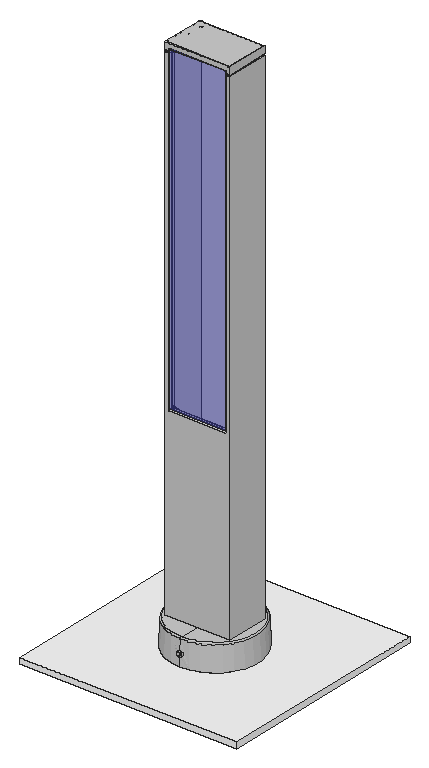
Revit family "BE_99326_de_DE", category Leuchten, Revit 2015
Parameters (values of type "BEGA_99326_Silber_K4")
  built-in parameter 1150104 = 12.089 (stored number, unit not read)
  Windangriffsfläche = ""
  Werkzeuglos = ""
  Wattage = 16.6 W
  Default Elevation = 0 mm
  built-in parameter 1150113 = 1 (stored number, unit not read)
  built-in parameter 1114218 = 1 (stored number, unit not read)
  Umgebungstemperatur = ""
  URL = "http://www.bega.de/produkt/99326"
  Typenkommentare = "© 2015 BEGA. Wir behalten uns das Recht vor, technische Änderungen ohne vorherige Ankündigung vorzunehmen."  # constant formula
  Type Image = 99326.png
  built-in parameter 1150134 = 12
  built-in parameter 1150109 = 1 (stored number, unit not read)
  Strom = ""
  built-in parameter 1150110 = 1 (stored number, unit not read)
  Spannung = 0 V
  Sonderanfertigung = no
  Seriennummer [instance] = "Hier können Sie die eindeutige Seriennummer für das Facility Management eintragen."
  Schutzklasse = "I"
  Schutzart = "IP 65"
  Scheinlast = 0 VA
  Produktdatenblatt = "http://www.bega.de/download/datenblaetter/de/99326.pdf"
  Oberflächentemperatur = ""
  Neigungswinkel = 0.00°
  Modell = "99326AK4"
  Material_17 = BEGA_Reflektor
  Material_15 = BEGA_Leuchtmedium_matt
  Material_11 = BEGA_Glas_opal
  Material_09 = BEGA_Glas_klar
  Material_06 = BEGA_Oberfläche_Edelstahl_gebürstet
  Material_02 = BEGA_Oberfläche_Silber_matt
  Material_01 [instance] = BEGA_Oberfläche_Grafit_matt
  M_W = no
  M_G = no
  M_A = yes
  Logo = 0
  built-in parameter 1114217 = 1 (stored number, unit not read)
  built-in parameter 1150139 = (empty or 0)
  built-in parameter 1150105 = 746.18 (stored number, unit not read)
  built-in parameter 1150114 = 1 (stored number, unit not read)
  Lumens = 2159.99 lm
  built-in parameter 1150115 = 1 (stored number, unit not read)
  Leuchtenlichtstrom = "815 lm"
  Leuchtenanzahl = ""
  Lebensdauerkriterien = "L70 = 50.000 h"
  Lastklassifizierung = Beleuchtung
  built-in parameter 1150112 = 1 (stored number, unit not read)
  Lampenlichtstrom = "2160 lm"
  Lampe = "LED 16.6 W"
  LED_Modulbezeichnung = "2x LED-0380/840"
  Hersteller = "BEGA"  # constant formula
  Halbstreuwinkel = ""
  Gewicht = "8.1 kg"
  Gebrauchslageneinschränkung [instance] = ""
  Frequenz = "50-60 Hz"
  Farbwiedergabeindex = "Ra > 80"
  Farbtemperaturverschiebung bei Dämpfen der Lampe = <Keine Auswahl>
  Farbtemperatur = "4000 K"
  Color Filter = 16777215
  Erdstücklänge_E = ""
  Erdstück [instance] = no
  built-in parameter 1150133 = 10 (stored number, unit not read)
  Energieeffizienzklasse = "LED A++ - A"
  Einstecktiefe = ""
  built-in parameter 1150137 = (empty or 0)
  built-in parameter 1150132 = (empty or 0)
  Einbau_in_Wärmedämmung = ""
  ENEC = ""
  Datei für fotometrisches Netz = "BE_99326.IES"
  CE_Konformität = "ja"
  Bestellnummer_Erdstück [instance] = if(Erdstück, "70895", "---")  # "---"
  Bestellnummer = "99326AK4"
  Beschreibung_Sonderanfertigung = "Hier können Sie Informationen zur Sonderanfertigung eintragen."
  Beschreibung = "Gartenleuchte"
  built-in parameter 1150106 = 7.4618 (stored number, unit not read)
  Belastbarkeit [instance] = ""
  Befestigungsbohrung = ""
  Befestigungsabstand = ""
  Ballwurfsicher = ""
  BEGA_Intern_aus = yes
  BEGA_Intern_an = yes
  BEGA_Intern_Konstruktion = yes
  BEGA_Intern = yes
  BEGA_IES = yes
  BEGA_Dummy = no
  Anschlussleitung = ""
  Anschlussleistung [instance] = "19.4 W"
  built-in parameter 1150107 = 4000 (stored number, unit not read)
  built-in parameter 1150102 = (empty or 0)
  built-in parameter 1150138 = (empty or 0)
  Aktualisierung = "2016-02-23T04:08:40"
  AC/DC = "AC"
Types (5, lengths in mm): name | built-in parameter 1150104 | built-in parameter 1150134 | Modell | M_G | M_A | built-in parameter 1150105 | Lumens | Leuchtenlichtstrom | Lampenlichtstrom | LED_Modulbezeichnung | Farbtemperatur | Datei für fotometrisches Netz | Bestellnummer | built-in parameter 1150106 | built-in parameter 1150107
  (no name) | 12.089 (stored number, unit not read) | 12 | "99326AK4" | no | yes | 746.18 (stored number, unit not read) | 2159.99 lm | "815 lm" | "2160 lm" | "2x LED-0380/840" | "4000 K" | "BE_99326.IES" | "99326AK4" | 7.4618 (stored number, unit not read) | 4000 (stored number, unit not read)
  BEGA_99326_Grafit_K3 | 11.417 (stored number, unit not read) | (empty or 0) | "99326" | yes | no | 704.72 (stored number, unit not read) | 2039.97 lm | "770 lm" | "2040 lm" | "2x LED-0380/830" | "3000 K" | "BE_99326.IES" | "99326" | 7.0472 (stored number, unit not read) | 3000 (stored number, unit not read)
  BEGA_99326_Silber_K4 | 12.089 (stored number, unit not read) | 12 | "99326AK4" | no | yes | 746.18 (stored number, unit not read) | 2159.99 lm | "815 lm" | "2160 lm" | "2x LED-0380/840" | "4000 K" | "BE_99326.IES" | "99326AK4" | 7.4618 (stored number, unit not read) | 4000 (stored number, unit not read)
  BEGA_99326_Grafit_K4 | 12.089 (stored number, unit not read) | 12 | "99326K4" | yes | no | 746.32 (stored number, unit not read) | 2159.99 lm | "815 lm" | "2160 lm" | "2x LED-0380/840" | "4000 K" | "BE_99326K4.IES" | "99326K4" | 7.4632 (stored number, unit not read) | 4000 (stored number, unit not read)
  BEGA_99326_Silber_K3 | 11.417 (stored number, unit not read) | (empty or 0) | "99326A" | no | yes | 704.72 (stored number, unit not read) | 2039.97 lm | "770 lm" | "2040 lm" | "2x LED-0380/830" | "3000 K" | "BE_99326.IES" | "99326A" | 7.0472 (stored number, unit not read) | 3000 (stored number, unit not read)
Reference planes
  plane 1 "Mitte (Vorne/Hinten)": y = 0
  plane 2: z = 0
  plane 3 "Mitte (Links/Rechts)": x = 0
  plane 4 "Links": x = -81
  plane 5 "Rechts": x = 81
  plane 6 "Unten": y = -81
  plane 7 "Oben": y = 81
  plane 8 "Vorne": z = 1000.148
Forms (mm)
  Extrusion 1, solid, material "BEGA_Platte_Weiss"
    sketch origin (0, -1119.2, 0) x (1, 0, 0) y (0, 1, 0)
      loop
        line (-200, 1319.2) -> (-200, 919.2) -> (200, 919.2) -> (200, 1319.2) -> (-200, 1319.2)
    from 0 to -10
  Extrusion 2, solid, material "BEGA_Dummy_matt", visible <- "BEGA_Dummy"
    sketch origin (77.149, -76.023, 0) x (1, 0, 0) y (0, 1, 0)
      loop
        circle (-77.149, 76.023) r 81
    from 0 to 1000.148
Dimensions and locks
  plane 1 "Mitte (Vorne/Hinten)" to Extrusion 1 = 200 mm
  aligned and locked: plane 2 to Extrusion 1
  aligned and locked: level to Extrusion 1
Nested families
  nested 1: "BE_99326" at (0, 0, 0), type "BE_99326"
Connectors
  electrical at (0, 0, 0), driven by "Lastklassifizierung", driven by "Spannung", driven by "Scheinlast"
    settings: index 1, voltage 0 V, apparent load 0 VA, apparent load phase1 0 VA, apparent load phase2 0 VA, apparent load phase3 0 VA, power factor 1, load classification "Beleuchtung", number of poles 1, system type 31, power factor state 1, is connector primary yes, connector utility no, sub classification motor no, connector description ""
Definition of nested family "BE_99326"
  Parameters (values of type "BE_99326")
    Default Elevation = 1 mm
    URL = "http://www.bega.de/de/produkt"
    Type Comments = "© 2015 BEGA. Wir behalten uns das Recht vor, technische Änderungen ohne vorherige Ankündigung vorzunehmen. "  # constant formula
    Type Image = (empty or 0)
    Material_17 = none
    Material_15 = none
    Material_11 = none
    Material_09 = none
    Material_06 = none
    Material_03 = none
    Material_02 = none
    Material_01 = none
    M_W = yes
    M_G = yes
    M_A = yes
    Länge_Platte = 200 mm  # constant formula
    Höhe_Platte = -10 mm  # constant formula
    Manufacturer = "BEGA"  # constant formula
    Breite_Platte = 200 mm  # constant formula
  Reference planes
    plane 1 "Mitte (Oben/Unten)": y = 0
    plane 2: z = 0
    plane 3 "Mitte (Links/Rechts)": x = 0
    plane 4 "Hinten": z = 1000.148
    plane 5 "Links": x = -81
    plane 6 "Unten": y = -81
    plane 7: x = 81
    plane 8: y = 81
  Forms (mm)
    Extrusion 1, solid, detail levels medium
      sketch origin (0, 0, 0) x (1, 0, 0) y (0, 1, 0)
        loop
          line (-100, 100) -> (-100, -100) -> (100, -100) -> (100, 100) -> (-100, 100)
      from 0 to -10 <- "Höhe_Platte"
    Revolve 2, solid, material <- "Material_01", visible <- "M_G", detail levels medium+fine
      sketch origin (0, 0, 0) x (0, 1, 0) y (0, 0, 1)
        loop
          line (76, 0) -> (76, 5.5) -> (0, 5.5) -> (0, 0) -> (76, 0)
        axis (0, 0) -> (0, 5.5)
      angle from 0 to 360
    Revolve 3, solid, material <- "Material_01", visible <- "M_G", detail levels medium+fine
      sketch origin (0, 0, 0) x (0, 1, 0) y (0, 0, 1)
        loop
          arc (79.391, 48.215) -> (78.783, 49.585) -> (77.392, 50.148) r 2
          line (77.392, 50.148) -> (0, 50.148) -> (0, 42.148) -> (68.762, 42.148)
          arc (68.762, 42.148) -> (70.254, 41.646) -> (70.92, 40.221) r 2
          line (70.92, 40.221) -> (72.121, 5.835) -> (77.5, 5.648) -> (77.5, 2.148) -> (81, 2.148) -> (79.391, 48.215)
        axis (0, 50.148) -> (0, 2.148)
      angle from 0 to 360
    Sweep 4, solid, material <- "Material_01", visible <- "M_G", detail levels medium+fine
      path origin (0, 0, 0) x (1, 0, 0) y (0, 1, 0)
        loop
          line (60, 40) -> (-60, 40) -> (-60, -40) -> (60, -40) -> (60, 40)
      profile origin (0, 40, 0) x (0, -1, 0) y (0, 0, 1)
        loop
          line (0, 985.684) -> (2.449, 983.148) -> (6.9, 983.148) -> (7.532, 995.2)
          arc (7.532, 995.2) -> (7.842, 995.873) -> (8.53, 996.148) r 1
          line (8.53, 996.148) -> (17.785, 996.148) -> (17.785, 1000.148) -> (0.779, 1000.148)
          arc (0.779, 1000.148) -> (0.347, 1000.049) -> (0, 999.774) r 1
          line (0, 999.774) -> (0, 985.684)
    Extrusion 5, solid, material <- "Material_01", visible <- "M_G", detail levels medium+fine
      sketch origin (0, 0, 0) x (1, 0, 0) y (0, 1, 0)
        loop
          line (-42.215, 22.215) -> (-42.215, -22.215) -> (42.215, -22.215) -> (42.215, 22.215) -> (-42.215, 22.215)
      from 996.148 to 1000.148
    Sweep 6, solid, material <- "Material_01", visible <- "M_G", detail levels medium+fine
      path in 3D
        loop
          line (-60, 40, 999.774) -> (-60, -40, 999.774) -> (60, -40, 999.774) -> (60, 40, 999.774) -> (-60, 40, 999.774)
      profile origin (0, 40, 999.774) x (0, 0, 1) y (0, 1, 0)
        loop
          line (-949.627, 0) -> (-949.627, -6.8) -> (-16.627, -6.8) -> (-16.627, 0) -> (-949.627, 0)
    Sweep 7, void
      path origin (0, 0, 0) x (1, 0, 0) y (0, 0, 1)
        loop
          line (-53.711, 991.858) -> (-53.711, 389.437) -> (53.711, 389.437) -> (53.711, 991.858) -> (-53.711, 991.858)
      profile origin (0, 0, 991.858) x (0, 0, 1) y (0, -1, 0)
        loop
          line (0, 40) -> (-28.988, 40) -> (-28.988, 34.8) -> (-1.893, 34.8) -> (0, 40)
    Extrusion 8, void
      sketch origin (0, 0, 0) x (1, 0, 0) y (0, 0, 1)
        loop
          arc (45, 394.148) -> (47.828, 395.319) -> (49, 398.148) r 4
          line (49, 398.148) -> (49, 983.148)
          arc (49, 983.148) -> (47.828, 985.976) -> (45, 987.148) r 4
          line (45, 987.148) -> (-45, 987.148)
          arc (-45, 987.148) -> (-47.828, 985.976) -> (-49, 983.148) r 4
          line (-49, 983.148) -> (-49, 398.148)
          arc (-49, 398.148) -> (-47.828, 395.319) -> (-45, 394.148) r 4
          line (-45, 394.148) -> (45, 394.148)
      from 32.461 to 40.526
    Extrusion 9, solid, material <- "Material_11", detail levels medium+fine
      sketch origin (0, 0, 0) x (0, 1, 0) y (0, 0, 1)
        loop
          line (-39.8, 391.648) -> (-34.8, 391.648) -> (-34.8, 989.648) -> (-39.8, 989.648) -> (-39.8, 391.648)
      from -51.603 to 51.542
    Revolve 10, solid, material <- "Material_02", visible <- "M_A", detail levels medium+fine
      sketch origin (0, 0, 0) x (0, 1, 0) y (0, 0, 1)
        loop
          line (76, 0) -> (76, 5.5) -> (0, 5.5) -> (0, 0) -> (76, 0)
        axis (0, 0) -> (0, 5.5)
      angle from 0 to 360
    Revolve 11, solid, material <- "Material_02", visible <- "M_A", detail levels medium+fine
      sketch origin (0, 0, 0) x (0, 1, 0) y (0, 0, 1)
        loop
          arc (79.391, 48.215) -> (78.783, 49.585) -> (77.392, 50.148) r 2
          line (77.392, 50.148) -> (0, 50.148) -> (0, 42.148) -> (68.762, 42.148)
          arc (68.762, 42.148) -> (70.254, 41.646) -> (70.92, 40.221) r 2
          line (70.92, 40.221) -> (72.121, 5.835) -> (77.5, 5.648) -> (77.5, 2.148) -> (81, 2.148) -> (79.391, 48.215)
        axis (0, 50.148) -> (0, 2.148)
      angle from 0 to 360
    Sweep 12, solid, material <- "Material_02", visible <- "M_A", detail levels medium+fine
      path in 3D
        loop
          line (-60, 40, 999.774) -> (-60, -40, 999.774) -> (60, -40, 999.774) -> (60, 40, 999.774) -> (-60, 40, 999.774)
      profile origin (0, 40, 999.774) x (0, 0, 1) y (0, 1, 0)
        loop
          line (-949.627, 0) -> (-949.627, -6.8) -> (-16.627, -6.8) -> (-16.627, 0) -> (-949.627, 0)
    Sweep 13, solid, material <- "Material_02", visible <- "M_A", detail levels medium+fine
      path origin (0, 0, 0) x (1, 0, 0) y (0, 1, 0)
        loop
          line (60, 40) -> (-60, 40) -> (-60, -40) -> (60, -40) -> (60, 40)
      profile origin (0, 40, 0) x (0, -1, 0) y (0, 0, 1)
        loop
          line (0, 985.684) -> (2.449, 983.148) -> (6.9, 983.148) -> (7.532, 995.2)
          arc (7.532, 995.2) -> (7.842, 995.873) -> (8.53, 996.148) r 1
          line (8.53, 996.148) -> (17.785, 996.148) -> (17.785, 1000.148) -> (0.779, 1000.148)
          arc (0.779, 1000.148) -> (0.347, 1000.049) -> (0, 999.774) r 1
          line (0, 999.774) -> (0, 985.684)
    Extrusion 14, solid, material <- "Material_02", visible <- "M_A", detail levels medium+fine
      sketch origin (0, 0, 0) x (1, 0, 0) y (0, 1, 0)
        loop
          line (-42.215, 22.215) -> (-42.215, -22.215) -> (42.215, -22.215) -> (42.215, 22.215) -> (-42.215, 22.215)
      from 996.148 to 1000.148
    Revolve 15, void
      sketch origin (0, 0, 0) x (0, 1, 0) y (0, 0, 1)
        loop
          line (-80.443, 29.398) -> (-80.443, 24.148) -> (-71.081, 24.148) -> (-71.081, 29.398) -> (-80.443, 29.398)
        axis (-71.081, 24.148) -> (-80.443, 24.148)
      angle from 0 to 360
    Revolve 16, solid, material <- "Material_06", detail levels fine
      sketch origin (0, 0, 0) x (0, 1, 0) y (0, 0, 1)
        loop
          line (-71.912, 29.148) -> (-81.58, 29.148) -> (-82.5, 28.228) -> (-82.5, 24.148) -> (-71.912, 24.148) -> (-71.912, 29.148)
        axis (-71.912, 24.148) -> (-82.5, 24.148)
      angle from 0 to 360
    Extrusion 17, void
      sketch origin (0, 0, 0) x (1, 0, 0) y (0, 1, 0)
        loop
          arc (-10.618, -36.999) -> (-0.003, -38.492) -> (10.613, -37.001) r 38.5
          arc (10.613, -37.001) -> (13.012, -32.671) -> (8.683, -30.272) r 3.5
          arc (8.683, -30.272) -> (0, -31.492) -> (-8.682, -30.272) r 31.5
          arc (-8.682, -30.272) -> (-13.01, -32.669) -> (-10.618, -36.999) r 3.5
        loop
          arc (31.613, -32.728) -> (31.502, -39.083) -> (37.857, -39.194) r 4.495
          arc (37.857, -39.194) -> (47.194, -27.244) -> (52.876, -13.185) r 54.493
          arc (52.876, -13.185) -> (49.609, -7.728) -> (44.156, -11.001) r 4.495
          arc (44.156, -11.001) -> (39.411, -22.746) -> (31.613, -32.728) r 45.516
        loop
          arc (30.564, 7.629) -> (34.804, 5.079) -> (37.358, 9.317) r 3.5
          arc (37.358, 9.317) -> (33.341, 19.26) -> (26.738, 27.709) r 38.5
          arc (26.738, 27.709) -> (21.792, 27.613) -> (21.881, 22.667) r 3.5
          arc (21.881, 22.667) -> (27.279, 15.758) -> (30.564, 7.629) r 31.5
        loop
          arc (-21.882, 22.667) -> (-21.796, 27.616) -> (-26.745, 27.702) r 3.5
          arc (-26.745, 27.702) -> (-33.342, 19.257) -> (-37.357, 9.321) r 38.5
          arc (-37.357, 9.321) -> (-34.807, 5.079) -> (-30.565, 7.628) r 3.5
          arc (-30.565, 7.628) -> (-27.28, 15.757) -> (-21.882, 22.667) r 31.5
        loop
          arc (12.545, 43.753) -> (18.104, 46.834) -> (15.023, 52.394) r 4.495
          arc (15.023, 52.394) -> (-0.001, 54.506) -> (-15.024, 52.394) r 54.493
          arc (-15.024, 52.394) -> (-18.104, 46.835) -> (-12.544, 43.753) r 4.495
          arc (-12.544, 43.753) -> (-0.001, 45.516) -> (12.545, 43.753) r 45.516
        loop
          arc (-44.156, -11.002) -> (-49.605, -7.729) -> (-52.878, -13.177) r 4.495
          arc (-52.878, -13.177) -> (-47.198, -27.238) -> (-37.863, -39.189) r 54.493
          arc (-37.863, -39.189) -> (-31.504, -39.087) -> (-31.612, -32.728) r 4.495
          arc (-31.612, -32.728) -> (-39.411, -22.747) -> (-44.156, -11.002) r 45.516
        loop
          circle (0, 0.008) r 21.562
      from 0 to 14.688
  Cuts and joins
    Sweep 7, Extrusion 8 cuts Sweep 4
    Sweep 7, Extrusion 8 cuts Extrusion 5
    joined: Sweep 4, Extrusion 5
    Sweep 7, Extrusion 8, Extrusion 17 cuts Sweep 6
    Sweep 7, Extrusion 8, Extrusion 17 cuts Sweep 12
    Sweep 7, Extrusion 8 cuts Sweep 13
    joined: Sweep 13, Extrusion 14
    Revolve 15, Extrusion 17 cuts Revolve 3
    Revolve 15, Extrusion 17 cuts Revolve 11
    Extrusion 17 cuts Revolve 2
    Extrusion 17 cuts Revolve 10
  Lines and regions (mm)
    sketch lines
      curve 1: line (60, 40, 999.774) -> (-60, 40, 999.774)
      curve 2: line (-60, 40, 999.774) -> (-60, -40, 999.774)
      curve 3: line (-60, -40, 999.774) -> (60, -40, 999.774)
      curve 4: line (60, -40, 999.774) -> (60, 40, 999.774)
      curve 5: line (60, 40, 999.774) -> (-60, 40, 999.774)
      curve 6: line (-60, 40, 999.774) -> (-60, -40, 999.774)
      curve 7: line (-60, -40, 999.774) -> (60, -40, 999.774)
      curve 8: line (60, -40, 999.774) -> (60, 40, 999.774)
  Dimensions and locks
    equal spacing: Extrusion 1 sketch curve, plane 3 "Mitte (Links/Rechts)", Extrusion 1 sketch curve
    equal spacing: Extrusion 1 sketch curve, plane 1 "Mitte (Oben/Unten)", Extrusion 1 sketch curve
    "Länge_Platte": Extrusion 1 sketch curve to Extrusion 1 sketch curve
    "Breite_Platte": Extrusion 1 sketch curve to Extrusion 1 sketch curve
    aligned and locked: Extrusion 1 to plane 2
    aligned and locked: level to Extrusion 1
  Automatic sketch dimensions
    Revolve 2 sketch curve to plane 1 "Mitte (Oben/Unten)" = 0 mm  (x2)
    Revolve 2 sketch curve to level = 0 mm
    level to Revolve 2 sketch curve = 5.5 mm
    Revolve 2 sketch curve to Revolve 2 sketch curve = 76 mm
    Revolve 2 sketch curve to level = 5.577 mm
    Revolve 2 sketch curve to Revolve 2 sketch curve = 10.745 mm
    Revolve 3 sketch curve to plane 1 "Mitte (Oben/Unten)" = 0 mm  (x2)
    Revolve 3 sketch curve to plane 1 "Mitte (Oben/Unten)" = 68.762 mm
    Revolve 3 sketch curve to Revolve 3 sketch curve = 0.16 mm
    level to Revolve 3 sketch curve = 40.221 mm
    Revolve 3 sketch curve to Revolve 3 sketch curve = 1.999 mm  (x2)
    level to Revolve 3 sketch curve = 5.835 mm
    Revolve 3 sketch curve to Revolve 3 sketch curve = 1.201 mm
    Revolve 3 sketch curve to Revolve 3 sketch curve = 6.472 mm
    level to Revolve 3 sketch curve = 2.148 mm
    Revolve 3 sketch curve to Revolve 3 sketch curve = 5.379 mm
    level to Revolve 3 sketch curve = 48.215 mm
    Revolve 3 sketch curve to Revolve 3 sketch curve = 3.5 mm  (x2)
    Revolve 3 sketch curve to Revolve 3 sketch curve = 0.067 mm  (x2)
    Revolve 3 sketch curve to Revolve 3 sketch curve = 8 mm
    Revolve 3 sketch curve to Revolve 3 sketch curve = 0 mm  (x2)
    Revolve 3 sketch curve to level = 19.852 mm
    Revolve 3 sketch curve to Revolve 3 sketch curve = 25 mm
    plane 3 "Mitte (Links/Rechts)" to Sweep 4 sketch curve = 60 mm
    Sweep 4 sketch curve to plane 3 "Mitte (Links/Rechts)" = 60 mm
    plane 1 "Mitte (Oben/Unten)" to Sweep 4 sketch curve = 40 mm
    Sweep 4 sketch curve to plane 1 "Mitte (Oben/Unten)" = 40 mm
    Sweep 4 sketch curve to profile plane = 0 mm
    Sweep 4 sketch curve to profile plane = 2.449 mm
    Sweep 4 sketch curve to profile plane = 0.779 mm
    Sweep 4 sketch curve to Sweep 4 sketch curve = 4.451 mm
    Sweep 4 sketch curve to Sweep 4 sketch curve = 7.751 mm
    Sweep 4 sketch curve to Sweep 4 sketch curve = 9.254 mm
    level to Sweep 4 sketch curve = 983.148 mm
    Sweep 4 sketch curve to Sweep 4 sketch curve = 2.536 mm
    Sweep 4 sketch curve to Sweep 4 sketch curve = 12 mm
    Sweep 4 sketch curve to Sweep 4 sketch curve = 1 mm
    Sweep 4 sketch curve to Sweep 4 sketch curve = 3 mm
    Sweep 4 sketch curve to Sweep 4 sketch curve = 0.999 mm
    Sweep 4 sketch curve to Sweep 4 sketch curve = 0 mm  (x2)
    Sweep 4 sketch curve to Sweep 4 sketch curve = 0.373 mm
    Extrusion 5 sketch curve to plane 3 "Mitte (Links/Rechts)" = 42.215 mm
    Extrusion 5 sketch curve to plane 1 "Mitte (Oben/Unten)" = 22.215 mm
    plane 3 "Mitte (Links/Rechts)" to Extrusion 5 sketch curve = 42.215 mm
    plane 1 "Mitte (Oben/Unten)" to Extrusion 5 sketch curve = 22.215 mm
    Sweep 6 sketch curve to profile plane = 0 mm
    profile plane to Sweep 6 sketch curve = 949.627 mm
    Sweep 6 sketch curve to profile plane = 6.8 mm
    profile plane to Sweep 6 sketch curve = 16.627 mm
    plane 3 "Mitte (Links/Rechts)" to Sweep 7 sketch curve = 53.711 mm
    Sweep 7 sketch curve to Sweep 7 sketch curve = 602.421 mm
    Sweep 7 sketch curve to plane 3 "Mitte (Links/Rechts)" = 53.711 mm
    profile plane to Sweep 7 sketch curve = 0 mm
    profile plane to Sweep 7 sketch curve = 1.893 mm
    plane 1 "Mitte (Oben/Unten)" to Sweep 7 sketch curve = 34.8 mm
    Sweep 7 sketch curve to Sweep 7 sketch curve = 27.095 mm
    Sweep 7 sketch curve to Sweep 7 sketch curve = 5.2 mm
    plane 3 "Mitte (Links/Rechts)" to Extrusion 8 sketch curve = 45 mm
    Extrusion 8 sketch curve to Extrusion 8 sketch curve = 4 mm  (x3)
    Extrusion 8 sketch curve to plane 3 "Mitte (Links/Rechts)" = 45 mm
    Extrusion 8 sketch curve to Extrusion 8 sketch curve = 585 mm
    Extrusion 8 sketch curve to Extrusion 8 sketch curve = 0 mm
    plane 1 "Mitte (Oben/Unten)" to Extrusion 9 sketch curve = 39.8 mm
    plane 1 "Mitte (Oben/Unten)" to Extrusion 9 sketch curve = 34.8 mm
    Extrusion 9 sketch curve to Extrusion 9 sketch curve = 598 mm
    Revolve 10 sketch curve to plane 1 "Mitte (Oben/Unten)" = 0 mm  (x2)
    Revolve 10 sketch curve to level = 0 mm
    level to Revolve 10 sketch curve = 5.5 mm
    Revolve 10 sketch curve to Revolve 10 sketch curve = 76 mm
    Revolve 10 sketch curve to level = 5.577 mm
    Revolve 10 sketch curve to Revolve 10 sketch curve = 10.745 mm
    Revolve 11 sketch curve to plane 1 "Mitte (Oben/Unten)" = 0 mm  (x2)
    Revolve 11 sketch curve to plane 1 "Mitte (Oben/Unten)" = 68.762 mm
    Revolve 11 sketch curve to Revolve 11 sketch curve = 0.16 mm
    level to Revolve 11 sketch curve = 40.221 mm
    Revolve 11 sketch curve to Revolve 11 sketch curve = 1.999 mm  (x2)
    level to Revolve 11 sketch curve = 5.835 mm
    Revolve 11 sketch curve to Revolve 11 sketch curve = 1.201 mm
    Revolve 11 sketch curve to Revolve 11 sketch curve = 6.472 mm
    level to Revolve 11 sketch curve = 2.148 mm
    Revolve 11 sketch curve to Revolve 11 sketch curve = 5.379 mm
    level to Revolve 11 sketch curve = 48.215 mm
    Revolve 11 sketch curve to Revolve 11 sketch curve = 3.5 mm  (x2)
    Revolve 11 sketch curve to Revolve 11 sketch curve = 0.067 mm  (x2)
    Revolve 11 sketch curve to Revolve 11 sketch curve = 8 mm
    Revolve 11 sketch curve to Revolve 11 sketch curve = 0 mm  (x2)
    Revolve 11 sketch curve to level = 19.852 mm
    Revolve 11 sketch curve to Revolve 11 sketch curve = 25 mm
    Sweep 12 sketch curve to profile plane = 0 mm
    profile plane to Sweep 12 sketch curve = 949.627 mm
    Sweep 12 sketch curve to profile plane = 6.8 mm
    profile plane to Sweep 12 sketch curve = 16.627 mm
    Sweep 13 sketch curve to plane 3 "Mitte (Links/Rechts)" = 60 mm
    plane 3 "Mitte (Links/Rechts)" to Sweep 13 sketch curve = 60 mm
    plane 1 "Mitte (Oben/Unten)" to Sweep 13 sketch curve = 40 mm
    Sweep 13 sketch curve to plane 1 "Mitte (Oben/Unten)" = 40 mm
    Sweep 13 sketch curve to profile plane = 0 mm
    Sweep 13 sketch curve to profile plane = 0.779 mm
    Sweep 13 sketch curve to profile plane = 2.449 mm
    Sweep 13 sketch curve to Sweep 13 sketch curve = 4.451 mm
    Sweep 13 sketch curve to Sweep 13 sketch curve = 7.751 mm
    Sweep 13 sketch curve to Sweep 13 sketch curve = 9.254 mm
    level to Sweep 13 sketch curve = 983.148 mm
    Sweep 13 sketch curve to Sweep 13 sketch curve = 2.536 mm
    Sweep 13 sketch curve to Sweep 13 sketch curve = 12 mm
    Sweep 13 sketch curve to Sweep 13 sketch curve = 1 mm
    Sweep 13 sketch curve to Sweep 13 sketch curve = 3 mm
    Sweep 13 sketch curve to Sweep 13 sketch curve = 0.627 mm
    Sweep 13 sketch curve to Sweep 13 sketch curve = 0.999 mm
    Sweep 13 sketch curve to Sweep 13 sketch curve = 0 mm  (x2)
    Extrusion 14 sketch curve to plane 3 "Mitte (Links/Rechts)" = 42.215 mm
    plane 3 "Mitte (Links/Rechts)" to Extrusion 14 sketch curve = 42.215 mm
    plane 1 "Mitte (Oben/Unten)" to Extrusion 14 sketch curve = 22.215 mm
    Extrusion 14 sketch curve to plane 1 "Mitte (Oben/Unten)" = 22.215 mm
    level to Revolve 15 sketch curve = 24.148 mm
    plane 1 "Mitte (Oben/Unten)" to Revolve 15 sketch curve = 71.081 mm
    Revolve 15 sketch curve to Revolve 15 sketch curve = 5.25 mm
    Revolve 15 sketch curve to Revolve 15 sketch curve = 1.658 mm
    Revolve 15 sketch curve to Revolve 15 sketch curve = 7.705 mm
    Revolve 15 sketch curve to Revolve 15 sketch curve = 3.675 mm
    Revolve 15 sketch curve to Revolve 15 sketch curve = 0 mm
    level to Revolve 16 sketch curve = 24.148 mm
    plane 1 "Mitte (Oben/Unten)" to Revolve 16 sketch curve = 82.5 mm
    Revolve 16 sketch curve to Revolve 16 sketch curve = 0.92 mm  (x2)
    Revolve 16 sketch curve to Revolve 16 sketch curve = 9.668 mm
    Revolve 16 sketch curve to Revolve 16 sketch curve = 4.08 mm
    Revolve 16 sketch curve to Revolve 16 sketch curve = 0.974 mm
    Revolve 16 sketch curve to Revolve 16 sketch curve = 0 mm  (x2)
    Extrusion 17 sketch curve to Extrusion 17 sketch curve = 13.783 mm
    Extrusion 17 sketch curve to Extrusion 17 sketch curve = 14.557 mm  (x2)
    Extrusion 17 sketch curve to Extrusion 17 sketch curve = 9.647 mm
    Extrusion 17 sketch curve to Extrusion 17 sketch curve = 10.53 mm
    Extrusion 17 sketch curve to Extrusion 17 sketch curve = 25.088 mm  (x2)
    Extrusion 17 sketch curve to Extrusion 17 sketch curve = 33.954 mm
    Extrusion 17 sketch curve to Extrusion 17 sketch curve = 0.003 mm  (x3)
    Extrusion 17 sketch curve to Extrusion 17 sketch curve = 0.005 mm  (x3)
    Extrusion 17 sketch curve to Extrusion 17 sketch curve = 0.001 mm  (x4)
    Extrusion 17 sketch curve to Extrusion 17 sketch curve = 0 mm  (x34)
    Extrusion 17 sketch curve to Extrusion 17 sketch curve = 0.004 mm  (x2)
    Extrusion 17 sketch curve to Extrusion 17 sketch curve = 19.294 mm
    Extrusion 17 sketch curve to Extrusion 17 sketch curve = 27.567 mm
    Extrusion 17 sketch curve to Extrusion 17 sketch curve = 10.529 mm
    Extrusion 17 sketch curve to Extrusion 17 sketch curve = 9.648 mm
    Extrusion 17 sketch curve to Extrusion 17 sketch curve = 21.547 mm
    Extrusion 17 sketch curve to Extrusion 17 sketch curve = 2.324 mm
    Extrusion 17 sketch curve to Extrusion 17 sketch curve = 2.325 mm
    Extrusion 17 sketch curve to Extrusion 17 sketch curve = 23.872 mm
    Extrusion 17 sketch curve to Extrusion 17 sketch curve = 33.636 mm
    Extrusion 17 sketch curve to Extrusion 17 sketch curve = 0.006 mm  (x3)
    Extrusion 17 sketch curve to Extrusion 17 sketch curve = 0.002 mm  (x3)
    Extrusion 17 sketch curve to Extrusion 17 sketch curve = 20.564 mm  (x2)
    Extrusion 17 sketch curve to Extrusion 17 sketch curve = 16.71 mm
    Extrusion 17 sketch curve to Extrusion 17 sketch curve = 16.709 mm
    Extrusion 17 sketch curve to Extrusion 17 sketch curve = 22.888 mm
    Extrusion 17 sketch curve to Extrusion 17 sketch curve = 22.889 mm
    Extrusion 17 sketch curve to Extrusion 17 sketch curve = 4.361 mm  (x3)
    Extrusion 17 sketch curve to Extrusion 17 sketch curve = 3.128 mm
    Extrusion 17 sketch curve to Extrusion 17 sketch curve = 3.396 mm  (x3)
    Extrusion 17 sketch curve to Extrusion 17 sketch curve = 3.122 mm  (x3)
    Extrusion 17 sketch curve to Extrusion 17 sketch curve = 2.431 mm  (x3)
    Extrusion 17 sketch curve to Extrusion 17 sketch curve = 1.241 mm
    Extrusion 17 sketch curve to Extrusion 17 sketch curve = 1.239 mm  (x2)
    Extrusion 17 sketch curve to Extrusion 17 sketch curve = 0.972 mm
    Extrusion 17 sketch curve to Extrusion 17 sketch curve = 0.964 mm
    Extrusion 17 sketch curve to Extrusion 17 sketch curve = 0.966 mm
    Extrusion 17 sketch curve to Extrusion 17 sketch curve = 0.965 mm
    Extrusion 17 sketch curve to Extrusion 17 sketch curve = 1.24 mm
    Extrusion 17 sketch curve to Extrusion 17 sketch curve = 2.425 mm
    Extrusion 17 sketch curve to Extrusion 17 sketch curve = 3.397 mm
    Extrusion 17 sketch curve to Extrusion 17 sketch curve = 4.359 mm
    Extrusion 17 sketch curve to Extrusion 17 sketch curve = 1.087 mm
    Extrusion 17 sketch curve to Extrusion 17 sketch curve = 1.097 mm
    Extrusion 17 sketch curve to Extrusion 17 sketch curve = 3.365 mm
    Extrusion 17 sketch curve to Extrusion 17 sketch curve = 3.233 mm
    Extrusion 17 sketch curve to Extrusion 17 sketch curve = 0.847 mm  (x2)
    Extrusion 17 sketch curve to Extrusion 17 sketch curve = 4.32 mm
    Extrusion 17 sketch curve to plane 3 "Mitte (Links/Rechts)" = 0 mm
    level to Sweep 7 sketch curve = 389.437 mm
    level to Extrusion 8 sketch curve = 394.148 mm
    level to Extrusion 9 sketch curve = 391.648 mm
    plane 1 "Mitte (Oben/Unten)" to Extrusion 17 sketch curve = 0 mm
    radius of Extrusion 17 sketch curve = 21.562 mm
